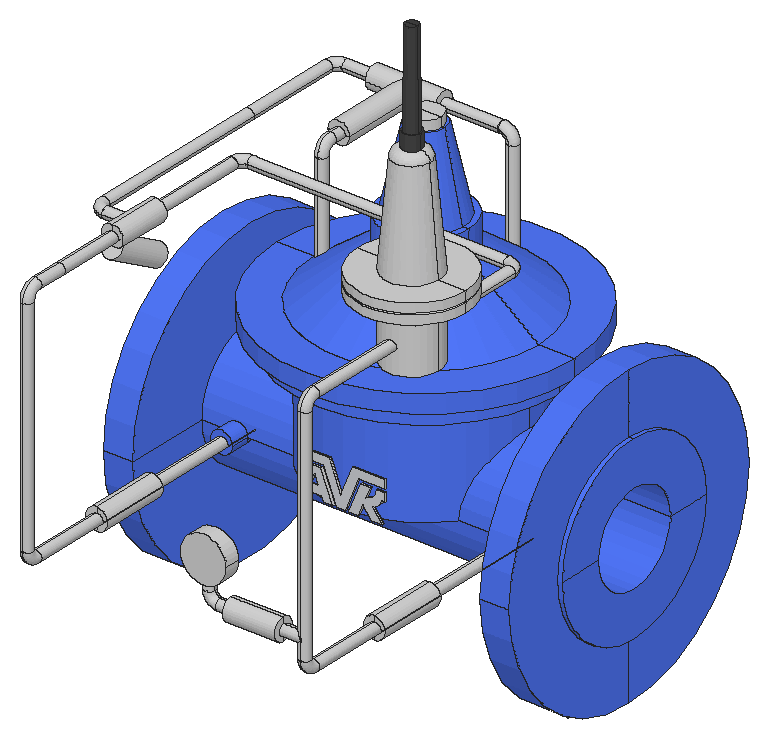
Revit family "879-100X99-001-DN50-600", category Pipe Accessories, Revit 2019
Family settings
  Round Connector Dimension = Use Diameter
  Part Type = Valve - Breaks Into
  Work Plane-Based = No
  Always vertical = Yes
  Cut with Voids When Loaded = No
  Shared = No
Parameters (values of type "879-0050-10-14400059999_DN50_PN10/16")
  W_Ref = size_lookup(Search_Table, "W", 0 mm, (DN)) - (PG_depth / 2)  # 261.8 mm
  W = size_lookup(Search_Table, "W", 0 mm, (DN))  # 266 mm
  URL product pages = "https://www.avkvalves.com/P.aspx?no=87902001014400059999"
  Top_Profile_Ref = Top_Profile + 5 mm  # 97 mm
  Top_Profile = Bolt_support_2 * 1.2  # 92 mm
  Search_Table = "879-100X99-001-DN50-600"
  D1 = size_lookup(Search_Table, "D1", 0 mm, (DN)) / 2  # 49.5 mm
  Profile_Dia_3 = Profile_Dia_2 * 2  # 12 mm
  Profile_Dia_2 = (Profile_Dia * 2) / 2  # 6 mm
  Profile_Dia = if(DN > 599 mm, 30 mm, if(DN > 499 mm, 25 mm, if(DN > 399 mm, 20 mm, if(DN > 349 mm, 15 mm, if(DN > 199 mm, 10 mm, if(DN > 149 mm, 8 mm, if(DN > 60 mm, 6 mm, 6 mm)))))))  # 6 mm
  Profile1_Length_2 = Profile1_Length / 1.5  # 14.865 mm
  Profile1_Length = D3 / 3.7  # 22.297 mm
  Profile1_Height = size_lookup(Search_Table, "Profile1_Height", 0 mm, (DN))  # 135 mm
  Pilot_top_ref = (H3 - (D3 + Body_Height_1 + Body_Height_3 + Body_Height_4 + 20 mm)) / 2  # 60.625 mm
  Pilot_top_1 = (Body_Height_1 + Body_Height_3 + Body_Height_4 + 20 mm + Pilot_top_ref)  # 226.875 mm
  Pilot_Dia_5 = Pilot_Dia_4 / 1.5  # 3.333 mm
  Pilot_Dia_4 = Pilot_Dia_3 / 2  # 5 mm
  Pilot_Dia_3 = Pilot_Dia_1 / 1.5  # 10 mm
  Pilot_Dia_2 = Pilot_Dia_1 * 2  # 30 mm
  Pilot_Dia_1 = size_lookup(Search_Table, "Pilot_Dia_1", 0 mm, (DN)) / 2  # 15 mm
  PG_ref = Body_wall_thickness + ID  # 35 mm
  PG_depth = Profile_Dia * 1.4  # 8.4 mm
  PG_Ref = Body_Height_1 / 1.5  # 38.333 mm
  PG_Dia = if(DN > 149 mm, ID / 1.5, if(DN > 299 mm, ID / 1, ID / 1))  # 25 mm
  L = size_lookup(Search_Table, "L", 0 mm, (DN))  # 230 mm
  ID = DN / 2  # 25 mm
  H3 = size_lookup(Search_Table, "H3", 0 mm, (DN))  # 370 mm
  Flange_thickness = size_lookup(Search_Table, "Flange_Thickness", 0 mm, (DN))  # 19 mm
  Fillet_Length = if(DN > 599 mm, 30 mm, if(DN > 499 mm, 25 mm, if(DN > 399 mm, 20 mm, if(DN > 349 mm, 15 mm, if(DN > 199 mm, 10 mm, if(DN > 149 mm, 8 mm, if(DN > 60 mm, 6 mm, 6 mm)))))))  # 6 mm
  D3 = size_lookup(Search_Table, "D3", 0 mm, (DN)) / 2  # 82.5 mm
  Description_ = "AVK PRESSURE REDUCING CONTROL VALVE"
  DN = 50 mm
  Bottom_profile = ID / 2  # 12.5 mm
  Bolt_support_lenght_2 = Bolt_support_lenght + 10 mm  # 55 mm
  Bolt_support_lenght = (DN / 2) + Body_wall_thickness * 2  # 45 mm
  Bolt_support_Dia = Profile_Dia * 2  # 12 mm
  Bolt_support_2 = Bolt_support / 2  # 76.667 mm
  Bolt_support = L / 1.5  # 153.333 mm
  Body_wall_thickness = 10 mm  # constant formula
  Body_With_Dia_2 = L / 3.7  # 62.162 mm
  Body_With_Dia = L / 4  # 57.5 mm
  Body_Top_Dia_2 = Body_Top_Dia / 1.2  # 8.595 mm
  Body_Top_Dia = L / 22.3  # 10.314 mm
  Body_Height_4 = Body_Height_2 + 15 mm  # 43.75 mm
  Body_Height_3 = size_lookup(Search_Table, "Body_Height_3", 0 mm, (DN))  # 45 mm
  Body_Height_2 = L / 8  # 28.75 mm
  Body_Height_1 = L / 4  # 57.5 mm
  Body_Flange_Dia_2 = L / 2.8  # 82.143 mm
  Body_Flange_Dia = L / 3.1  # 74.194 mm
  Body_Collar_Dia_2 = L / 11.15  # 20.628 mm
  Body_Collar_Dia = L / 9.6  # 23.958 mm
  879-0600-10-144000599A0 = "DN600_PN16"
  879-0600-10-14400059999 = "DN600_PN16"
  879-0600-10-044000599A0 = "DN600_PN10"
  879-0600-10-04400059999 = "DN600_PN10"
  879-0500-10-144000599A0 = "DN500_PN16"
  879-0500-10-14400059999 = "DN500_PN16"
  879-0500-10-044000599A0 = "DN500_PN10"
  879-0500-10-04400059999 = "DN500_PN10"
  879-0450-10-144000599A0 = "DN450_PN16"
  879-0450-10-14400059999 = "DN450_PN16"
  879-0450-10-044000599A0 = "DN450_PN10"
  879-0450-10-04400059999 = "DN450_PN10"
  879-0400-10-144000599A0 = "DN400_PN16"
  879-0400-10-14400059999 = "DN400_PN16"
  879-0400-10-044000599A0 = "DN400_PN10"
  879-0400-10-04400059999 = "DN400_PN10"
  879-0350-10-144000599A0 = "DN350_PN16"
  879-0350-10-14400059999 = "DN350_PN16"
  879-0350-10-044000599A0 = "DN350_PN10"
  879-0350-10-04400059999 = "DN350_PN10"
  879-0300-10-144000599A0 = "DN300_PN16"
  879-0300-10-14400059999 = "DN300_PN16"
  879-0300-10-044000599A0 = "DN300_PN10"
  879-0300-10-04400059999 = "DN300_PN10"
  879-0250-10-144000599A0 = "DN250_PN16"
  879-0250-10-14400059999 = "DN250_PN16"
  879-0250-10-044000599A0 = "DN250_PN10"
  879-0250-10-04400059999 = "DN250_PN10"
  879-0200-10-144000599A0 = "DN200_PN16"
  879-0200-10-14400059999 = "DN200_PN16"
  879-0200-10-044000599A0 = "DN200_PN10"
  879-0200-10-04400059999 = "DN200_PN10"
  879-0150-10-144000599A0 = "DN150_PN10/16"
  879-0150-10-14400059999 = "DN150_PN10/16"
  879-0050-10-144000599A0 = "DN50_PN10/16"
  879-0050-10-14400059999 = "DN50_PN10/16"
  879-0100-10-144000599A0 = "DN100_PN10/16"
  879-0100-10-14400059999 = "DN100_PN10/16"
  879-0080-10-144000599A0 = "DN80_PN10/16"
  879-0080-10-14400059999 = "DN80_PN10/16"
  879-0065-10-144000599A0 = "DN65_PN10/16"
  879-0065-10-14400059999 = "DN65_PN10/16"
Reference planes
  plane 1 "Center (Front/Back)": y = 0
  plane 2: z = 0
  plane 3 "Center (Left/Right)": x = 0
  plane 4: x = -76.667
  plane 5: y = -87.952
  plane 6: x = 59.766
  plane 7: x = 45.835
  plane 8: x = 76.667
  plane 9: y = -173.3
  plane 10: z = 6
  plane 11: y = -179.3
  plane 12: y = -173.3
  plane 13: z = 6
  plane 14: y = -179.3
  plane 15: z = 135
  plane 16: y = -173.3
  plane 17: z = 129
  plane 18: y = -60.203
  plane 19: y = 82.5
  plane 20: y = -82.5
  plane 21: z = 135
  plane 22: x = -98
  plane 23: y = 60.203
  plane 24: y = 54.203
  plane 25: x = -92
  plane 26: y = 60.203
  plane 27: z = 129
  plane 28: x = -6
  plane 29: z = 135
  plane 30: x = -6
  plane 31: x = -57.5
  plane 32: y = 6
  plane 33: z = 129
  plane 34: z = 287.5
  plane 35: y = -92.184
  plane 36: z = 16.25
  plane 37: x = 23.958
  plane 38: z = 22.25
  plane 39: x = 29.958
  plane 40: y = 58.895
  plane 41: y = -37.905
  plane 42: y = -31.905
  plane 43: y = -37.905
  plane 44: x = -70.667
  plane 45: z = -82.5
  plane 46: z = 129
  plane 47: y = -105
  plane 48: y = -76.5
  plane 49: y = -105.603
  plane 50: y = -144.597
  plane 51: x = 70.667
  plane 52: z = 226.875
  plane 53: x = 81.702
  plane 54: x = 86.667
  plane 55: z = 222.472
  plane 56: x = 30.208
  plane 57: y = -86.869
  plane 58: y = 82.5
  plane 59: y = -103.747
  plane 60: y = -83.401
  plane 61: y = -179.3
  plane 62: y = -183.5
  plane 63: y = -175.1
  plane 64: y = -32.5
  plane 65: z = 2.25
  plane 66: x = 23.958
  plane 67: x = 29.958
  plane 68: x = 35.958
  plane 69: x = 70.667
  plane 70: x = 64.667
  plane 71: z = 6
  plane 72: z = 16.2
  plane 73: y = 6
  plane 74: y = 12
  plane 75: y = -179.3
  plane 76: y = -187.5
  plane 77: y = -99.603
  plane 78: x = -92
  plane 79: y = -183.5
  plane 80: y = -169.3
  plane 81: y = -55
  plane 82: y = -112.15
  plane 83: x = -115
  plane 84: x = 115
  plane 85: y = 49.5
  plane 86: y = -49.5
Forms (mm)
  Revolve 1, solid, material "Plastic"
    sketch origin (0, 0, 0) x (1, 0, 0) y (0, 1, 0)
      loop
        line (-96, 82.5) -> (-115, 82.5) -> (-115, 25) -> (115, 25) -> (115, 82.5) -> (96, 82.5) -> (96, 35) -> (-96, 35) -> (-96, 82.5)
      axis (-115, 0) -> (115, 0)
    angle from 0 to 360
  Revolve 2, solid, material "Plastic"
    sketch origin (0, 0, 0) x (1, 0, 0) y (0, 0, 1)
      loop
        line (0, 0) -> (57.5, 0) -> (57.5, 57.5) -> (74.194, 57.5) -> (74.194, 67.427) -> (82.143, 67.427) -> (82.143, 77.427) -> (62.162, 77.427) -> (23.958, 106.177) -> (23.958, 121.177) -> (20.628, 121.177) -> (10.314, 166.177) -> (0, 166.177) -> (0, 0)
      axis (0, 0) -> (0, 166.177)
    angle from 0 to 360
  Revolve 3, solid, material "Stainless Steel AISI 304"
    sketch origin (0, 0, 0) x (1, 0, 0) y (0, 0, 1)
      loop
        line (0, 166.177) -> (8.595, 166.177) -> (8.595, 171.177) -> (0, 171.177) -> (0, 166.177)
      axis (0, 166.177) -> (0, 171.177)
    angle from 0 to 360
  Sweep 4, solid, material "Stainless Steel AISI 304"
    path origin (-76.667, -1524, 15.862) x (0, 0, 1) y (0, -1, 0)
      loop
        line (-15.862, -1524) -> (-15.862, -1350.7)
        arc (-15.862, -1350.7) -> (-14.104, -1346.457) -> (-9.862, -1344.7) r 6
        line (-9.862, -1344.7) -> (113.138, -1344.7)
        arc (113.138, -1344.7) -> (117.381, -1346.457) -> (119.138, -1350.7) r 6
        line (119.138, -1350.7) -> (119.138, -1366.997) -> (119.138, -1486.095)
    profile origin (-76.667, -86.65, 0) x (0, 0, -1) y (1, 0, 0)
      loop
        circle (0, 0) r 3
  Extrusion 5, solid, material "Plastic"
    sketch origin (0, 0, 0) x (1, 0, 0) y (0, 0, 1)
      loop
        circle (-76.667, 0) r 6
      loop
        circle (76.667, 0) r 6
    from 0 to 45
  Sweep 6, solid, material "Stainless Steel AISI 304"
    path origin (96.667, -1524, 12.32) x (0, 0, 1) y (0, 1, 0)
      loop
        line (-12.32, 1524) -> (-12.32, 1350.7)
        arc (-12.32, 1350.7) -> (-10.562, 1346.457) -> (-6.32, 1344.7) r 6
        line (-6.32, 1344.7) -> (116.68, 1344.7)
        arc (116.68, 1344.7) -> (120.923, 1346.457) -> (122.68, 1350.7) r 6
        line (122.68, 1350.7) -> (122.68, 1457.5)
    profile origin (96.667, -86.65, 0) x (0, 0, 1) y (-1, 0, 0)
      loop
        circle (0, 20) r 3
  Sweep 7, solid, material "Stainless Steel AISI 304"
    path origin (-93.667, -1524, 135) x (-1, 0, 0) y (0, -1, 0)
      loop
        line (-87.667, -1584.203) -> (-1.667, -1584.203)
        arc (-1.667, -1584.203) -> (2.576, -1582.445) -> (4.333, -1578.203) r 6
        line (4.333, -1578.203) -> (4.333, -1524) -> (4.333, -1424.397)
        arc (4.333, -1424.397) -> (2.576, -1420.155) -> (-1.667, -1418.397) r 6
        line (-1.667, -1418.397) -> (-17, -1418.397)
    profile origin (-98, -49.801, 135) x (1, 0, 0) y (0, 0, 1)
      loop
        circle (0, 0) r 3
  Sweep 8, solid, material "Stainless Steel AISI 304"
    path origin (0, 60.203, 1200) x (1, 0, 0) y (0, 0, 1)
      loop
        arc (-6, -1065) -> (-1.757, -1066.757) -> (0, -1071) r 6
        line (0, -1071) -> (0, -1122.573)
    profile origin (0, 60.203, 103.213) x (0, -1, 0) y (1, 0, 0)
      loop
        circle (0, 0) r 3
  Sweep 9, solid, material "Stainless Steel AISI 304"
    path origin (-57.5, 22.117, 1200) x (0, -1, 0) y (0, 0, 1)
      loop
        line (-38.085, -1065) -> (16.117, -1065)
        arc (16.117, -1065) -> (20.36, -1066.757) -> (22.117, -1071) r 6
        line (22.117, -1071) -> (22.117, -1122.573)
    profile origin (-57.5, 33.101, 135) x (0, 0, 1) y (-1, 0, 0)
      loop
        circle (0, 0) r 3
  Sweep 10, solid, material "Stainless Steel AISI 304"
    path origin (99.667, -92.184, 1200) x (1, 0, 0) y (0, 0, 1)
      loop
        line (-23, -1183.75) -> (-69.708, -1183.75)
        arc (-69.708, -1183.75) -> (-73.951, -1181.993) -> (-75.708, -1177.75) r 6
        line (-75.708, -1177.75) -> (-75.708, -1165)
    profile origin (53.313, -92.184, 16.25) x (0, 0, -1) y (0, -1, 0)
      loop
        circle (0, 87.116) r 3
  Sweep 11, solid, material "Stainless Steel AISI 304"
    path origin (-93.667, -1524, 135) x (-1, 0, 0) y (0, -1, 0)
      loop
        arc (-17, -1486.095) -> (-18.757, -1490.337) -> (-23, -1492.095) r 6
        line (-23, -1492.095) -> (-164.333, -1492.095)
        arc (-164.333, -1492.095) -> (-168.576, -1490.337) -> (-170.333, -1486.095) r 6
        line (-170.333, -1486.095) -> (-170.333, -1418.397)
    profile origin (0, -31.905, 135) x (0, 1, 0) y (0, 0, 1)
      loop
        circle (0, 0) r 3
  Revolve 12, solid, material "Stainless Steel AISI 304"
    sketch origin (87.542, -105.603, 1200) x (-1, 0, 0) y (0, 0, 1)
      loop
        line (10.875, -1078.823) -> (10.875, -1033.823) -> (-19.125, -1033.823) -> (-19.125, -1038.823) -> (-14.125, -1038.823) -> (-14.125, -1039.828) -> (-19.125, -1039.828) -> (-19.125, -1044.828) -> (-4.125, -1044.828) -> (-4.125, -1078.823) -> (10.875, -1078.823)
      axis (10.875, -1078.823) -> (10.875, -1033.823)
    angle from 0 to 360
  Revolve 13, solid, material "Stainless Steel AISI 304"
    sketch origin (87.542, -105.603, 1200) x (-1, 0, 0) y (0, 0, 1)
      loop
        line (-4.125, -1033.823) -> (10.875, -1033.823) -> (10.875, -973.125) -> (5.839, -973.125)
        arc (5.839, -973.125) -> (2.521, -974.384) -> (0.875, -977.528) r 5
        line (0.875, -977.528) -> (-4.125, -1033.823)
      axis (10.875, -973.125) -> (10.875, -1033.823)
    angle from 0 to 360
  Revolve 14, solid, material "Plastic(1)"
    sketch origin (87.542, -105.603, 1200) x (-1, 0, 0) y (0, 0, 1)
      loop
        line (10.875, -973.125) -> (10.875, -912.5) -> (7.542, -912.5) -> (6.896, -964.988) -> (5.875, -964.988) -> (5.875, -973.125) -> (10.875, -973.125)
      axis (10.875, -973.125) -> (10.875, -912.5)
    angle from 0 to 360
  Extrusion 15, solid, material "Stainless Steel AISI 304"
    sketch origin (99.667, -92.184, 1200) x (1, 0, 0) y (0, 0, 1)
      loop
        circle (-75.708, -1161.667) r 12.5
    from 82.916 to 91.316
  Revolve 16, void
    sketch origin (0, 0, 0) x (1, 0, 0) y (0, 0, 1)
      loop
        line (-115, 82.5) -> (-115, 49.5) -> (-112, 49.5) -> (-112, 82.5) -> (-115, 82.5)
      loop
        line (118, 82.5) -> (112, 82.5) -> (112, 49.5) -> (118, 49.5) -> (118, 82.5)
      axis (-115, 0) -> (118, 0)
    angle from 0 to 360
  Revolve 17, solid, material "Stainless Steel AISI 304"
    sketch origin (-76.667, -1524, 15.862) x (0, 0, 1) y (0, -1, 0)
      loop
        line (-9.862, -1392.85) -> (-15.862, -1392.85) -> (-15.862, -1430.85) -> (-9.862, -1430.85) -> (-9.862, -1392.85)
      axis (-15.862, -1392.85) -> (-15.862, -1430.85)
    angle from 0 to 360
  Revolve 18, solid, material "Stainless Steel AISI 304"
    sketch origin (76.667, -1524, 15.862) x (0, 0, 1) y (0, -1, 0)
      loop
        line (-9.862, -1392.85) -> (-15.862, -1392.85) -> (-15.862, -1430.85) -> (-9.862, -1430.85) -> (-9.862, -1392.85)
      axis (-15.862, -1392.85) -> (-15.862, -1430.85)
    angle from 0 to 360
  Revolve 19, solid, material "Stainless Steel AISI 304"
    sketch origin (-76.667, -1524, 15.862) x (0, 0, 1) y (0, -1, 0)
      loop
        line (125.138, -1403.397) -> (119.138, -1403.397) -> (119.138, -1433.397) -> (125.138, -1433.397) -> (125.138, -1403.397)
      axis (119.138, -1433.397) -> (119.138, -1403.397)
    angle from 0 to 360
  Revolve 20, solid, material "Stainless Steel AISI 304"
    sketch origin (0, -179.3, 35.012) x (0, 0, -1) y (-1, 0, 0)
      loop
        line (18.812, -35.958) -> (12.812, -35.958) -> (12.812, -64.667) -> (18.812, -64.667) -> (18.812, -35.958)
      axis (18.812, -35.958) -> (18.812, -64.667)
    angle from 0 to 360
  Revolve 21, solid, material "Stainless Steel AISI 304"
    sketch origin (-93.667, -1524, 135) x (-1, 0, 0) y (0, -1, 0)
      loop
        line (-17, -1584.203) -> (-55.333, -1584.203) -> (-55.333, -1590.203) -> (-17, -1590.203) -> (-17, -1584.203)
      axis (-17, -1584.203) -> (-55.333, -1584.203)
    angle from 0 to 360
  Revolve 22, solid, material "Stainless Steel AISI 304"
    sketch origin (-93.667, -1524, 135) x (-1, 0, 0) y (0, -1, 0)
      loop
        line (-36.167, -1584.203) -> (-36.167, -1536) -> (-42.167, -1536) -> (-42.167, -1584.203) -> (-36.167, -1584.203)
      axis (-36.167, -1536) -> (-36.167, -1584.203)
    angle from 0 to 360
  Revolve 23, void
    sketch origin (0, 0, 0) x (1, 0, 0) y (0, 0, 1)
      loop
        line (-115, 25) -> (-115, 0) -> (115, 0) -> (115, 25) -> (-115, 25)
      axis (-115, 0) -> (115, 0)
    angle from 0 to 360
  Sweep 24, solid, material "Stainless Steel AISI 304"
    path origin (-76.667, -1524, 15.862) x (0, 0, 1) y (0, -1, 0)
      loop
        line (114.638, -1403.397) -> (97.318, -1433.397)
    profile origin (-76.667, -105.603, 121.84) x (0, 0.5, 0.866025) y (1, 0, 0)
      loop
        circle (0, 0) r 6
Cuts and joins
  Revolve 16 cuts Revolve 1
  Revolve 23 cuts Revolve 2
  Revolve 23 cuts Sweep 4
  Revolve 23 cuts Extrusion 5
  Revolve 23 cuts Sweep 6
Dimensions and locks
  equal spacing: Revolve 1 sketch curve, plane 3 "Center (Left/Right)", Revolve 1 sketch curve
  locked: Revolve 1 sketch curve to Revolve 1 sketch curve at 10
  "Flange_thickness": Revolve 1 sketch curve to Revolve 1 sketch curve  (x2)
  "ID": plane 1 "Center (Front/Back)" to Revolve 1 sketch curve
  "L": Revolve 1 sketch curve to Revolve 1 sketch curve
  "Body_With_Dia": Revolve 2 sketch curve to plane 3 "Center (Left/Right)"
  "Body_Flange_Dia": Revolve 2 sketch curve to plane 3 "Center (Left/Right)"
  "Body_Flange_Dia_2": Revolve 2 sketch curve to plane 3 "Center (Left/Right)"
  "Body_Collar_Dia": Revolve 2 sketch curve to plane 3 "Center (Left/Right)"
  "Body_Collar_Dia_2": Revolve 2 sketch curve to plane 3 "Center (Left/Right)"
  "Body_Top_Dia": Revolve 2 sketch curve to plane 3 "Center (Left/Right)"
  "Body_Height_1": Revolve 2 sketch curve to level
  locked: Revolve 2 sketch curve to Revolve 2 sketch curve at 9.927
  locked: Revolve 2 sketch curve to Revolve 2 sketch curve at 10
  "Body_Height_2": Revolve 2 sketch curve to Revolve 2 sketch curve
  "Body_Height_3": Revolve 2 sketch curve to Revolve 2 sketch curve
  "Body_Height_4": Revolve 2 sketch curve to Revolve 2 sketch curve
  "Body_With_Dia_2": Revolve 2 sketch curve to plane 3 "Center (Left/Right)"
  "D3": plane 1 "Center (Front/Back)" to Revolve 1 sketch curve
  equal spacing: Extrusion 5 sketch curve, plane 3 "Center (Left/Right)", Extrusion 5 sketch curve
  "Bolt_support": Extrusion 5 sketch curve to Extrusion 5 sketch curve
  "Bolt_support_lenght": plane 1 "Center (Front/Back)" to Extrusion 5
  equal spacing: plane 8, plane 3 "Center (Left/Right)", plane 4
  "Bolt_support": plane 8 to plane 4
  "Bolt_support_2": plane 3 "Center (Left/Right)" to Sweep 4 sketch curve
  "Bolt_support_2": Sweep 6 sketch curve to plane 3 "Center (Left/Right)"
  "Fillet_Length": plane 9 to plane 11
  "Fillet_Length": plane 10 to level
  "Fillet_Length": plane 12 to plane 14
  "Fillet_Length": level to plane 13
  "Fillet_Length": plane 17 to plane 15
  "Fillet_Length": plane 16 to plane 11
  "Profile1_Height": plane 15 to level
  "Profile1_Length": Sweep 4 sketch curve to plane 11
  equal spacing: plane 20, plane 1 "Center (Front/Back)", plane 19
  "D3": plane 20 to plane 1 "Center (Front/Back)"
  "Profile1_Length": plane 18 to plane 20
  "Profile1_Length": plane 23 to plane 19
  "Fillet_Length": plane 24 to plane 23
  "Fillet_Length": plane 22 to plane 25
  "Profile1_Length": plane 26 to plane 19
  "Fillet_Length": plane 28 to plane 3 "Center (Left/Right)"
  "Fillet_Length": plane 29 to plane 27
  "Profile1_Height": plane 29 to level
  "Top_Profile": plane 22 to plane 30
  "Profile1_Height": Sweep 7 sketch curve to level
  plane 3 "Center (Left/Right)" to profile plane = 98 mm
  "Profile1_Height": plane 21 to level
  "Fillet_Length": plane 30 to plane 3 "Center (Left/Right)"
  "Body_With_Dia": plane 31 to plane 3 "Center (Left/Right)"
  "Fillet_Length": plane 32 to plane 1 "Center (Front/Back)"
  "Fillet_Length": plane 21 to plane 33
  "Fillet_Length": plane 38 to plane 36
  "Fillet_Length": plane 39 to plane 37
  "Body_Collar_Dia": plane 37 to plane 3 "Center (Left/Right)"
  equal spacing: plane 40, plane 18, plane 11
  "Profile1_Length": plane 41 to plane 18
  "Fillet_Length": plane 41 to plane 42
  "Profile1_Height": Sweep 11 sketch curve to level
  "Fillet_Length": plane 4 to plane 44
  "Fillet_Length": plane 42 to plane 43
  "D3": level to plane 45
  "H3": plane 34 to plane 45
  plane 21 to level = 135 mm
  "Fillet_Length": plane 21 to plane 46
  locked: Sweep 6 sketch curve to plane 48 at 10
  "Fillet_Length": plane 48 to plane 20
  locked: Revolve 12 sketch curve to Revolve 12 sketch curve at 5  (x2)
  locked: Revolve 12 sketch curve to Revolve 12 sketch curve at 1.005
  "Pilot_Dia_1": plane 8 to Revolve 12 sketch curve
  "Pilot_Dia_2": plane 8 to Revolve 12 sketch curve
  "Fillet_Length": plane 41 to Sweep 11 sketch curve
  "Fillet_Length": plane 51 to plane 8
  "Pilot_Dia_1": plane 8 to Revolve 13 sketch curve
  locked: plane 53 to plane 54 at 4.964
  locked: plane 52 to plane 55 at 4.403
  "Pilot_Dia_3": plane 8 to plane 54
  "Pilot_top_1": plane 52 to level
  "Pilot_top_1": Revolve 14 sketch curve to level
  "Pilot_Dia_4": plane 8 to Revolve 14 sketch curve
  locked: Revolve 14 sketch curve to Revolve 14 sketch curve at 1.022
  "Pilot_Dia_5": Revolve 14 sketch curve to Revolve 14 sketch curve
  locked: Revolve 3 sketch curve to Revolve 2 at 5
  "Body_Top_Dia_2": Revolve 3 sketch curve to plane 3 "Center (Left/Right)"
  "Body_Collar_Dia": Extrusion 15 sketch curve to plane 3 "Center (Left/Right)"
  "PG_Ref": Extrusion 15 sketch curve to level
  equal spacing: plane 63, plane 61, plane 62
  "PG_depth": plane 63 to plane 62
  "D3": Revolve 16 sketch curve to level
  "D1": Revolve 16 sketch curve to level
  locked: cut or joined group of Revolve 1, Revolve 16 to Revolve 16 sketch curve at 3
  locked: Revolve 16 sketch curve to cut or joined group of Revolve 1, Revolve 16 at 3
  plane 20 to plane 64 = 50 mm
  "PG_ref": Sweep 10 sketch curve to level
  "Profile_Dia_2": Revolve 19 sketch curve to plane 21
  "Body_Collar_Dia": plane 66 to plane 3 "Center (Left/Right)"
  "Fillet_Length": plane 66 to plane 67
  "Fillet_Length": plane 68 to plane 67
  "Fillet_Length": plane 69 to plane 8
  "Fillet_Length": plane 69 to plane 70
  "Fillet_Length": plane 71 to level
  plane 72 to level = 16.2 mm
  "Profile_Dia_2": Revolve 20 sketch curve to plane 72
  equal spacing: plane 4, plane 31, Revolve 21 sketch curve
  "Profile_Dia_2": plane 26 to Revolve 21 sketch curve
  "Fillet_Length": plane 1 "Center (Front/Back)" to plane 73
  "Fillet_Length": plane 74 to plane 73
  "Profile_Dia_2": plane 31 to Revolve 22 sketch curve
  "ID": Revolve 23 sketch curve to level
  "W_Ref": plane 19 to plane 75
  "W_Ref": plane 61 to plane 58
  "W_Ref": plane 14 to plane 19
  "W_Ref": plane 19 to Sweep 10 sketch curve
  "W_Ref": plane 11 to plane 19
  Revolve 20 sketch curve to plane 19 = 261.8 mm
  "W_Ref": plane 19 to plane 61
  equal spacing: plane 42, plane 49, plane 75
  "Fillet_Length": plane 22 to plane 78
  "Fillet_Length": plane 49 to plane 77
  "Pilot_Dia_1": plane 49 to Revolve 19 sketch curve
  equal spacing: Revolve 19 sketch curve, plane 49, Revolve 19 sketch curve
  "W": plane 79 to plane 19
  locked: plane 75 to plane 80 at 10
  locked: plane 81 to cut or joined group of Extrusion 5, Revolve 23 at 10
  equal spacing: plane 80, plane 82, plane 81
  "Profile_Dia_2": Revolve 18 sketch curve to level
  equal spacing: Revolve 18 sketch curve, plane 82, Revolve 18 sketch curve
  "Flange_thickness": plane 82 to Revolve 18 sketch curve
  "Bolt_support_lenght_2": plane 81 to plane 1 "Center (Front/Back)"
  equal spacing: plane 84, plane 3 "Center (Left/Right)", plane 83
  "L": plane 84 to plane 83
  plane 20 to plane 19 = 165 mm
  equal spacing: plane 86, plane 1 "Center (Front/Back)", plane 85
  "D1": plane 1 "Center (Front/Back)" to plane 85
  plane 86 to plane 85 = 99 mm
  plane 19 to plane 20 = 165 mm
  plane 85 to plane 86 = 99 mm
  "Profile_Dia": diameter of Sweep 4 sketch curve
  "Profile_Dia": diameter of Sweep 11 sketch curve
  "Profile_Dia": diameter of Sweep 7 sketch curve
  "Profile_Dia": diameter of Sweep 9 sketch curve
  "Profile_Dia": diameter of Sweep 8 sketch curve
  "Profile_Dia": diameter of Sweep 6 sketch curve
  "Profile_Dia": diameter of Sweep 10 sketch curve
  "Bolt_support_Dia": diameter of Extrusion 5 sketch curve  (x2)
  "PG_Dia": diameter of Extrusion 15 sketch curve
  "Profile_Dia_3": diameter of Sweep 24 sketch curve
  locked: Sweep 24 sketch curve to plane 21 (angle 30.00°)
  aligned and locked: level to plane 2
  aligned and locked: Revolve 1 sketch curve to Revolve 1 sketch curve
  aligned and locked: plane 1 "Center (Front/Back)" to Revolve 1 sketch curve
  aligned and locked: Revolve 2 sketch curve to Revolve 2 sketch curve
  aligned and locked: Revolve 3 sketch curve to Revolve 2
  aligned and locked: Revolve 3 sketch curve to plane 3 "Center (Left/Right)"
  aligned and locked: plane 3 "Center (Left/Right)" to Revolve 3 sketch curve
  aligned and locked: Revolve 2 sketch curve to plane 3 "Center (Left/Right)"
  aligned and locked: Revolve 2 sketch curve to level
  aligned and locked: Extrusion 5 to plane 1 "Center (Front/Back)"
  aligned and locked: Sweep 4 sketch curve to level
  aligned and locked: level to Sweep 4 sketch curve
  aligned and locked: plane 9 to Sweep 4 sketch curve
  aligned and locked: plane 11 to Sweep 4 sketch curve  (x2)
  aligned and locked: Sweep 4 sketch curve to plane 10
  aligned and locked: Sweep 6 sketch curve to Revolve 2
  aligned and locked: level to Sweep 6 sketch curve
  aligned and locked: plane 12 to Sweep 6 sketch curve  (x2)
  aligned and locked: plane 13 to Sweep 6 sketch curve
  aligned and locked: Sweep 6 sketch curve to plane 14
  aligned and locked: Sweep 4 sketch curve to plane 15
  aligned and locked: plane 17 to Sweep 4 sketch curve
  aligned and locked: plane 16 to Sweep 4 sketch curve
  aligned and locked: plane 23 to Sweep 7 sketch curve
  aligned and locked: plane 29 to Sweep 8 sketch curve
  aligned and locked: plane 28 to Sweep 8 sketch curve
  aligned and locked: plane 27 to Sweep 8 sketch curve
  aligned and locked: plane 3 "Center (Left/Right)" to Sweep 8 sketch curve
  aligned and locked: plane 26 to Sweep 9 sketch curve
  aligned and locked: plane 21 to Sweep 9 sketch curve
  aligned and locked: plane 32 to Sweep 9 sketch curve
  aligned and locked: plane 1 "Center (Front/Back)" to Sweep 9 sketch curve
  aligned and locked: plane 33 to Sweep 9 sketch curve
  aligned and locked: Sweep 9 sketch curve to Revolve 2
  aligned and locked: Sweep 8 sketch curve to Revolve 2
  aligned and locked: plane 8 to Sweep 10 sketch curve
  aligned and locked: plane 37 to Sweep 10 sketch curve
  aligned and locked: plane 38 to Sweep 10 sketch curve
  aligned and locked: plane 36 to Sweep 10 sketch curve
  aligned and locked: plane 39 to Sweep 10 sketch curve
  aligned and locked: plane 21 to Sweep 4 sketch curve
  aligned and locked: Sweep 11 sketch curve to plane 44
  aligned and locked: Sweep 11 sketch curve to plane 43
  aligned and locked: plane 4 to Sweep 11 sketch curve
  aligned and locked: plane 21 to Sweep 6 sketch curve
  aligned and locked: plane 14 to Sweep 6 sketch curve
  aligned and locked: Sweep 6 sketch curve to plane 46
  aligned and locked: plane 8 to Revolve 12 sketch curve
  aligned and locked: Revolve 12 sketch curve to Revolve 12 sketch curve
  aligned and locked: Revolve 12 sketch curve to Revolve 2
  aligned and locked: Revolve 2 to Revolve 12 sketch curve
  aligned and locked: plane 8 to Sweep 11 sketch curve
  aligned and locked: plane 41 to Sweep 11 sketch curve
  aligned and locked: Sweep 11 sketch curve to plane 42
  aligned and locked: Sweep 11 sketch curve to plane 51
  aligned and locked: Revolve 12 to Revolve 13 sketch curve
  aligned and locked: plane 8 to Revolve 13 sketch curve
  aligned and locked: plane 53 to Revolve 13 sketch curve
  aligned and locked: plane 55 to Revolve 13 sketch curve
  aligned and locked: Revolve 13 sketch curve to plane 54
  aligned and locked: Revolve 14 sketch curve to plane 8
  aligned and locked: plane 34 to Revolve 14 sketch curve
  aligned and locked: plane 8 to Revolve 14 sketch curve
  aligned and locked: plane 62 to Extrusion 15
  aligned and locked: plane 63 to Extrusion 15
  aligned and locked: Revolve 16 sketch curve to Revolve 16 sketch curve  (x2)
  aligned and locked: Revolve 16 sketch curve to plane 2
  aligned and locked: nested 1 to plane 3 "Center (Left/Right)"
  aligned and locked: plane 21 to Revolve 19 sketch curve
  aligned and locked: Revolve 19 sketch curve to Revolve 19 sketch curve
  aligned and locked: plane 72 to Revolve 20 sketch curve
  aligned and locked: Revolve 20 sketch curve to plane 68
  aligned and locked: Revolve 20 sketch curve to plane 70
  aligned and locked: Revolve 20 sketch curve to Revolve 20 sketch curve
  aligned and locked: Revolve 21 sketch curve to plane 4
  aligned and locked: plane 26 to Revolve 21 sketch curve
  aligned and locked: Revolve 21 sketch curve to Revolve 21 sketch curve
  aligned and locked: Sweep 9 to Revolve 22 sketch curve
  aligned and locked: Revolve 22 sketch curve to Sweep 9
  aligned and locked: Revolve 22 sketch curve to plane 74
  aligned and locked: Revolve 22 sketch curve to Revolve 22 sketch curve
  aligned and locked: nested 1 to level
  aligned and locked: Revolve 23 sketch curve to Revolve 23 sketch curve
  aligned and locked: Revolve 19 to Sweep 24 sketch curve  (x2)
  aligned and locked: Revolve 23 sketch curve to cut or joined group of Revolve 1, Revolve 16
  aligned and locked: cut or joined group of Revolve 1, Revolve 16 to Revolve 23 sketch curve
  aligned and locked: plane 41 to Sweep 4 sketch curve
  aligned and locked: plane 49 to Sweep 11 sketch curve
  aligned and locked: plane 77 to Sweep 7 sketch curve
  aligned and locked: plane 22 to Sweep 7 sketch curve
  aligned and locked: plane 78 to Sweep 7 sketch curve
  aligned and locked: plane 49 to Sweep 7 sketch curve
  aligned and locked: plane 4 to Sweep 7 sketch curve
  aligned and locked: Revolve 18 sketch curve to level
  aligned and locked: Revolve 18 sketch curve to Revolve 18 sketch curve
  aligned and locked: Revolve 17 sketch curve to plane 71
  aligned and locked: Revolve 18 to Revolve 17 sketch curve
  aligned and locked: level to Revolve 17 sketch curve
  aligned and locked: Revolve 17 sketch curve to Revolve 18
  aligned and locked: Revolve 17 sketch curve to Revolve 17 sketch curve
Automatic sketch dimensions
  Sweep 24 sketch curve to plane 21 = 4.5 mm
  Revolve 20 sketch curve to plane 6 = 0.951 mm
  Revolve 20 sketch curve to plane 56 = 6.283 mm
  Revolve 17 sketch curve to plane 59 = 3.617 mm
  Revolve 17 sketch curve to Revolve 17 sketch curve = 5 mm
  Revolve 1 sketch curve to plane 31 = 22.5 mm
  Revolve 1 sketch curve to plane 67 = 0.16 mm
  plane 71 to Revolve 2 sketch curve = 1.599 mm
  Revolve 2 sketch curve to plane 71 = 0.401 mm
  Revolve 3 sketch curve to Revolve 3 sketch curve = 5 mm
  Revolve 3 sketch curve to Revolve 3 sketch curve = 11.86 mm
  Sweep 4 sketch curve to plane 1 "Center (Front/Back)" = 0 mm
  Sweep 4 sketch curve to profile plane = 0 mm
  Extrusion 5 sketch curve to level = 0 mm  (x2)
  Sweep 6 sketch curve to plane 1 "Center (Front/Back)" = 0 mm
  Sweep 6 sketch curve to profile plane = 0 mm
  Sweep 7 sketch curve to plane 30 = 0 mm
  Sweep 7 sketch curve to plane 25 = 0 mm
  plane 1 "Center (Front/Back)" to Sweep 7 sketch curve = 0 mm
  profile plane to Sweep 7 sketch curve = 0 mm
  plane 26 to Sweep 8 sketch curve = 0 mm
  Sweep 8 sketch curve to profile plane = 0 mm
  plane 31 to Sweep 9 sketch curve = 0 mm
  Sweep 9 sketch curve to profile plane = 0 mm
  Sweep 10 sketch curve to profile plane = 0 mm
  Sweep 11 sketch curve to profile plane = 0 mm
  plane 8 to Revolve 12 sketch curve = 0 mm
  Revolve 12 sketch curve to Revolve 12 sketch curve = 0 mm
  Revolve 12 sketch curve to Revolve 12 sketch curve = 5 mm
  plane 21 to Revolve 12 sketch curve = 0.231 mm
  Revolve 12 sketch curve to plane 34 = 3.552 mm
  plane 8 to Revolve 13 sketch curve = 0 mm
  Revolve 13 sketch curve to plane 52 = 0 mm
  Revolve 13 sketch curve to Revolve 13 sketch curve = 0.76 mm
  plane 34 to Revolve 13 sketch curve = 0.823 mm
  Revolve 14 sketch curve to Revolve 14 sketch curve = 8.137 mm
  Revolve 14 sketch curve to Revolve 14 sketch curve = 20 mm
  Revolve 14 sketch curve to Revolve 14 sketch curve = 15 mm
  Revolve 16 sketch curve to plane 83 = 0 mm
  plane 84 to Revolve 16 sketch curve = 3 mm
  Revolve 16 sketch curve to plane 3 "Center (Left/Right)" = 12 mm
  plane 56 to Revolve 16 sketch curve = 0.507 mm
  plane 60 to Revolve 18 sketch curve = 0.935 mm
  Revolve 18 sketch curve to Revolve 18 sketch curve = 0 mm
  plane 41 to Revolve 19 sketch curve = 0.594 mm
  Revolve 19 sketch curve to Revolve 19 sketch curve = 0.168 mm
  Revolve 21 sketch curve to plane 31 = 4.745 mm
  plane 31 to Revolve 21 sketch curve = 4.167 mm
  Revolve 22 sketch curve to plane 19 = 3.486 mm
  plane 74 to Revolve 22 sketch curve = 13.486 mm
  Revolve 23 sketch curve to level = 0 mm
  plane 56 to Revolve 23 sketch curve = 0 mm
  Revolve 23 sketch curve to plane 31 = 22.5 mm
  Sweep 24 sketch curve to plane 4 = 0 mm
  Sweep 24 sketch curve to profile plane = 0 mm
Nested families
  nested 1: "LOGO - Copy - Copy" at (0, -57.5, -11.367) x (1, 0, 0) z (0, -1, 0), type "LOGO - Copy - Copy"
Connectors
  piping at (-115, 0, 0), diameter 50, driven by "DN"
    settings: on Revolve 1, index 1, connector inside diameter 609.6 mm, connector length 0 mm, flow factor 0, pipe flow 0.0 L/s, pressure drop 0.0 Pa, fitting loss kfactor 0, connector angle 0.00°, fixture units 0, engagement length 0 mm, angle of deflection 0.00°, flow configuration 0, flow direction 0, fitting loss method 0, system type 7, joint type 0, gender type 0, connector reference index -1, connector utility 0, adjustable connector no, is connector primary yes, connector description ""
  piping at (115, 0, 0), diameter 50, driven by "DN"
    settings: on Revolve 1, index 2, connector inside diameter 609.6 mm, connector length 0 mm, flow factor 0, pipe flow 0.0 L/s, pressure drop 0.0 Pa, fitting loss kfactor 0, connector angle 0.00°, fixture units 0, engagement length 0 mm, angle of deflection 0.00°, flow configuration 0, flow direction 0, fitting loss method 0, system type 7, joint type 0, gender type 0, connector reference index -1, connector utility 0, adjustable connector no, is connector primary no, connector description ""
Definition of nested family "LOGO - Copy - Copy"
  Parameters (values of type "LOGO - Copy - Copy")
    Default Elevation = 1219.2 mm
  Reference planes
    plane 1 "Center (Front/Back)": y = 0
    plane 2: z = 0
    plane 3 "Center (Left/Right)": x = 0
  Forms (mm)
    Extrusion 1, solid
      sketch origin (0, 0, 0) x (1, 0, 0) y (0, 1, 0)
        loop
          line (-1219.2, 1219.2) -> (-1219.2, -1219.2) -> (1219.2, -1219.2) -> (1219.2, 1219.2) -> (-1219.2, 1219.2)
      from 0 to -304.8
    Extrusion 2, solid
      sketch origin (0, 0, 0) x (1, 0, 0) y (0, 1, 0)
        loop
          line (-6.514, 34.224) -> (-24, 34.224) -> (-24, 29.481) -> (-9.766, 29.481) -> (-2.391, 11.367) -> (2.391, 11.367) -> (9.766, 29.481) -> (24, 29.481) -> (24, 34.224) -> (6.514, 34.224) -> (0, 18.224) -> (-6.514, 34.224)
        loop
          line (-10.996, 27.653) -> (-24, 27.653) -> (-24, 23.081) -> (-19.503, 23.081) -> (-24, 11.367) -> (-18.92, 11.367) -> (-17.955, 13.881) -> (-10.51, 13.881) -> (-9.486, 11.367) -> (-4.365, 11.367) -> (-10.996, 27.653)
        loop
          line (-16.777, 18.224) -> (-12.278, 18.224) -> (-14.594, 23.912) -> (-16.777, 18.224)
        loop
          line (4.365, 11.367) -> (9.486, 11.367) -> (12.093, 17.77) -> (16.918, 11.367) -> (22.857, 11.367) -> (17.399, 18.61)
          arc (17.399, 18.61) -> (20.583, 20.18) -> (22.629, 23.081) r 7.2
          line (22.629, 23.081) -> (24, 23.081) -> (24, 27.653) -> (19.429, 27.653)
          arc (19.429, 27.653) -> (17.763, 23.526) -> (13.699, 21.714) r 5.943
          line (13.699, 21.714) -> (16.117, 27.653) -> (10.996, 27.653) -> (4.365, 11.367)
      from 0 to 1
  Dimensions and locks
    aligned and locked: plane 2 to Extrusion 1
    aligned and locked: level to Extrusion 1
    aligned and locked: Extrusion 2 sketch curve to import instance
Types (43, lengths in mm): name | W_Ref | W | Top_Profile_Ref | Top_Profile | D1 | Profile_Dia_3 | Profile_Dia_2 | Profile_Dia | Profile1_Length_2 | Profile1_Length | Profile1_Height | Pilot_top_ref | Pilot_top_1 | Pilot_Dia_5 | Pilot_Dia_4 | Pilot_Dia_3 | Pilot_Dia_2 | Pilot_Dia_1 | PG_ref | PG_depth | PG_Ref | PG_Dia | L | ID | H3 | Flange_thickness | Fillet_Length | D3 | DN | Bottom_profile | Bolt_support_lenght_2 | Bolt_support_lenght | Bolt_support_Dia | Bolt_support_2 | Bolt_support | Body_With_Dia_2 | Body_With_Dia | Body_Top_Dia_2 | Body_Top_Dia | Body_Height_4 | Body_Height_3 | Body_Height_2 | Body_Height_1 | Body_Flange_Dia_2 | Body_Flange_Dia | Body_Collar_Dia_2 | Body_Collar_Dia | 879-0050-10-144000599A0 | 879-0050-10-14400059999
  (no name) | 261.8 | 266 | 97 | 92 | 49.5 | 12 | 6 | 6 | 14.865 | 22.297 | 135 | 60.625 | 226.875 | 3.333 | 5 | 10 | 30 | 15 | 35 | 8.4 | 38.333 | 25 | 230 | 25 | 370 | 19 | 6 | 82.5 | 50 | 12.5 | 55 | 45 | 12 | 76.667 | 153.333 | 62.162 | 57.5 | 8.595 | 10.314 | 43.75 | 45 | 28.75 | 57.5 | 82.143 | 74.194 | 20.628 | 23.958 | "DN50_PN10/16" | "DN50_PN10/16"
  879-0065-10-14400059999_DN65_PN10/16 | 280.8 | 285 | 121 | 116 | 59 | 12 | 6 | 6 | 16.667 | 25 | 152 | 50.375 | 252.125 | 3.889 | 5.833 | 11.667 | 35 | 17.5 | 42.5 | 8.4 | 48.333 | 32.5 | 290 | 32.5 | 395 | 19 | 6 | 92.5 | 65 | 16.25 | 62.5 | 52.5 | 12 | 96.667 | 193.333 | 78.378 | 72.5 | 10.837 | 13.004 | 51.25 | 58 | 36.25 | 72.5 | 103.571 | 93.548 | 26.009 | 30.208 | "DN50_PN10/16" | "DN50_PN10/16"
  879-0065-10-144000599A0_DN65_PN10/16 | 280.8 | 285 | 121 | 116 | 59 | 12 | 6 | 6 | 16.667 | 25 | 170 | 63.625 | 279.875 | 3.889 | 5.833 | 11.667 | 35 | 17.5 | 42.55 | 8.4 | 48.333 | 32.55 | 290 | 32.55 | 436 | 19 | 6 | 92.5 | 65.1 | 16.275 | 62.55 | 52.55 | 12 | 96.667 | 193.333 | 78.378 | 72.5 | 10.837 | 13.004 | 51.25 | 72.5 | 36.25 | 72.5 | 103.571 | 93.548 | 26.009 | 30.208 | "DN50_PN10/16" | "DN50_PN10/16"
  879-0080-10-14400059999_DN80_PN10/16 | 295.8 | 300 | 129 | 124 | 66 | 12 | 6 | 6 | 18.018 | 27.027 | 179 | 48.375 | 261.625 | 4.333 | 6.5 | 13 | 39 | 19.5 | 50 | 8.4 | 51.667 | 40 | 310 | 40 | 410 | 19 | 6 | 100 | 80 | 20 | 70 | 60 | 12 | 103.333 | 206.667 | 83.784 | 77.5 | 11.584 | 13.901 | 53.75 | 62 | 38.75 | 77.5 | 110.714 | 100 | 27.803 | 32.292 | "DN50_PN10/16" | "DN50_PN10/16"
  879-0080-10-144000599A0_DN80_PN10/16 | 295.8 | 300 | 129 | 124 | 66 | 12 | 6 | 6 | 18.018 | 27.027 | 168 | 61.125 | 289.875 | 4.333 | 6.5 | 13 | 39 | 19.5 | 50.05 | 8.4 | 51.667 | 40.05 | 310 | 40.05 | 451 | 19 | 6 | 100 | 80.1 | 20.025 | 70.05 | 60.05 | 12 | 103.333 | 206.667 | 83.784 | 77.5 | 11.584 | 13.901 | 53.75 | 77.5 | 38.75 | 77.5 | 110.714 | 100 | 27.803 | 32.292 | "DN50_PN10/16" | "DN50_PN10/16"
  879-0100-10-14400059999_DN100_PN10/16 | 315.8 | 320 | 145 | 140 | 78 | 12 | 6 | 6 | 19.82 | 29.73 | 185 | 47.625 | 272.375 | 4.889 | 7.333 | 14.667 | 44 | 22 | 60 | 8.4 | 58.333 | 50 | 350 | 50 | 430 | 19 | 6 | 110 | 100 | 25 | 80 | 70 | 12 | 116.667 | 233.333 | 94.595 | 87.5 | 13.079 | 15.695 | 58.75 | 58.5 | 43.75 | 87.5 | 125 | 112.903 | 31.39 | 36.458 | "DN50_PN10/16" | "DN50_PN10/16"
  879-0100-10-144000599A0_DN100_PN10/16 | 315.8 | 320 | 145 | 140 | 78 | 12 | 6 | 6 | 19.82 | 29.73 | 176 | 63.875 | 300.125 | 4.889 | 7.333 | 14.667 | 44 | 22 | 60.05 | 8.4 | 58.333 | 50.05 | 350 | 50.05 | 474 | 19 | 6 | 110 | 100.1 | 25.025 | 80.05 | 70.05 | 12 | 116.667 | 233.333 | 94.595 | 87.5 | 13.079 | 15.695 | 58.75 | 70 | 43.75 | 87.5 | 125 | 112.903 | 31.39 | 36.458 | "DN50_PN10/16" | "DN50_PN10/16"
  879-0150-10-14400059999_DN150_PN10/16 | 379.4 | 385 | 197 | 192 | 105.5 | 16 | 8 | 8 | 25.676 | 38.514 | 230 | 78.75 | 353.75 | 6.889 | 10.333 | 20.667 | 62 | 31 | 85 | 11.2 | 80 | 50 | 480 | 75 | 575 | 19 | 8 | 142.5 | 150 | 37.5 | 105 | 95 | 16 | 160 | 320 | 129.73 | 120 | 17.937 | 21.525 | 75 | 60 | 60 | 120 | 171.429 | 154.839 | 43.049 | 50 | "DN50_PN10/16" | "DN50_PN10/16"
  879-0150-10-144000599A0_DN150_PN10/16 | 379.4 | 385 | 197 | 192 | 105.5 | 16 | 8 | 8 | 25.676 | 38.514 | 230 | 90.75 | 373.75 | 6.889 | 10.333 | 20.667 | 62 | 31 | 85.05 | 11.2 | 80 | 50.033 | 480 | 75.05 | 607 | 19 | 8 | 142.5 | 150.1 | 37.525 | 105.05 | 95.05 | 16 | 160 | 320 | 129.73 | 120 | 17.937 | 21.525 | 75 | 68 | 60 | 120 | 171.429 | 154.839 | 43.049 | 50 | "DN50_PN10/16" | "DN50_PN10/16"
  879-0200-10-04400059999_DN200_PN10 | 413 | 420 | 245 | 240 | 133 | 20 | 10 | 10 | 30.631 | 45.946 | 273 | 92.5 | 427.5 | 8.556 | 12.833 | 25.667 | 77 | 38.5 | 110 | 14 | 100 | 66.667 | 600 | 100 | 690 | 20 | 10 | 170 | 200 | 50 | 130 | 120 | 20 | 200 | 400 | 162.162 | 150 | 22.422 | 26.906 | 90 | 75 | 75 | 150 | 214.286 | 193.548 | 53.812 | 62.5 | "DN50_PN10/16" | "DN50_PN10/16"
  879-0200-10-044000599A0_DN200_PN10 | 413 | 420 | 245 | 240 | 133 | 20 | 10 | 10 | 30.631 | 45.946 | 275 | 122 | 482 | 8.556 | 12.833 | 25.667 | 77 | 38.5 | 110.05 | 14 | 100 | 66.7 | 600 | 100.05 | 774 | 20 | 10 | 170 | 200.1 | 50.025 | 130.05 | 120.05 | 20 | 200 | 400 | 162.162 | 150 | 22.422 | 26.906 | 90 | 100 | 75 | 150 | 214.286 | 193.548 | 53.812 | 62.5 | "DN50_PN10/16" | "DN50_PN10/16"
  879-0200-10-14400059999_DN200_PN16 | 413 | 420 | 245 | 240 | 133 | 20 | 10 | 10 | 30.631 | 45.946 | 273 | 92.5 | 427.5 | 8.556 | 12.833 | 25.667 | 77 | 38.5 | 110.1 | 14 | 100 | 66.733 | 600 | 100.1 | 690 | 20 | 10 | 170 | 200.2 | 50.05 | 130.1 | 120.1 | 20 | 200 | 400 | 162.162 | 150 | 22.422 | 26.906 | 90 | 75 | 75 | 150 | 214.286 | 193.548 | 53.812 | 62.5 | "DN50_PN10/16" | "DN50_PN10/16"
  879-0200-10-144000599A0_DN200_PN16 | 413 | 420 | 245 | 240 | 133 | 20 | 10 | 10 | 30.631 | 45.946 | 275 | 129 | 475 | 8.556 | 12.833 | 25.667 | 77 | 38.5 | 110.15 | 14 | 100 | 66.767 | 600 | 100.15 | 774 | 20 | 10 | 170 | 200.3 | 50.075 | 130.15 | 120.15 | 20 | 200 | 400 | 162.162 | 150 | 22.422 | 26.906 | 90 | 86 | 75 | 150 | 214.286 | 193.548 | 53.812 | 62.5 | "DN50_PN10/16" | "DN50_PN10/16"
  879-0250-10-04400059999_DN250_PN10 | 478 | 485 | 297 | 292 | 159.5 | 20 | 10 | 10 | 35.586 | 53.378 | 327 | 91.375 | 481.125 | 10.222 | 15.333 | 30.667 | 92 | 46 | 135 | 14 | 121.667 | 83.333 | 730 | 125 | 770 | 22 | 10 | 197.5 | 250 | 62.5 | 155 | 145 | 20 | 243.333 | 486.667 | 197.297 | 182.5 | 27.28 | 32.735 | 106.25 | 81 | 91.25 | 182.5 | 260.714 | 235.484 | 65.471 | 76.042 | "DN50_PN10/16" | "DN50_PN10/16"
  879-0250-10-044000599A0_DN250_PN10 | 478 | 485 | 297 | 292 | 159.5 | 20 | 10 | 10 | 35.586 | 53.378 | 330 | 121.625 | 534.875 | 10.222 | 15.333 | 30.667 | 92 | 46 | 135.05 | 14 | 121.667 | 83.367 | 730 | 125.05 | 854 | 22 | 10 | 197.5 | 250.1 | 62.525 | 155.05 | 145.05 | 20 | 243.333 | 486.667 | 197.297 | 182.5 | 27.28 | 32.735 | 106.25 | 104.5 | 91.25 | 182.5 | 260.714 | 235.484 | 65.471 | 76.042 | "DN50_PN10/16" | "DN50_PN10/16"
  879-0250-10-14400059999_DN250_PN16 | 478 | 485 | 297 | 292 | 159.5 | 20 | 10 | 10 | 36.486 | 54.73 | 335 | 88.875 | 478.625 | 10.444 | 15.667 | 31.333 | 94 | 47 | 135.1 | 14 | 121.667 | 83.4 | 730 | 125.1 | 770 | 22 | 10 | 202.5 | 250.2 | 62.55 | 155.1 | 145.1 | 20 | 243.333 | 486.667 | 197.297 | 182.5 | 27.28 | 32.735 | 106.25 | 81 | 91.25 | 182.5 | 260.714 | 235.484 | 65.471 | 76.042 | "DN50_PN10/16" | "DN50_PN10/16"
  879-0250-10-144000599A0_DN250_PN16 | 478 | 485 | 297 | 292 | 159.5 | 20 | 10 | 10 | 36.486 | 54.73 | 350 | 130.875 | 520.625 | 10.444 | 15.667 | 31.333 | 94 | 47 | 135.15 | 14 | 121.667 | 83.433 | 730 | 125.15 | 854 | 22 | 10 | 202.5 | 250.3 | 62.575 | 155.15 | 145.15 | 20 | 243.333 | 486.667 | 197.297 | 182.5 | 27.28 | 32.735 | 106.25 | 81 | 91.25 | 182.5 | 260.714 | 235.484 | 65.471 | 76.042 | "DN50_PN10/16" | "DN50_PN10/16"
  879-0300-10-04400059999_DN300_PN10 | 533 | 540 | 345 | 340 | 185 | 20 | 10 | 10 | 40.09 | 60.135 | 361 | 82.125 | 530.375 | 11.667 | 17.5 | 35 | 105 | 52.5 | 160 | 14 | 141.667 | 100 | 850 | 150 | 835 | 24.5 | 10 | 222.5 | 300 | 75 | 180 | 170 | 20 | 283.333 | 566.667 | 229.73 | 212.5 | 31.764 | 38.117 | 121.25 | 94.5 | 106.25 | 212.5 | 303.571 | 274.194 | 76.233 | 88.542 | "DN50_PN10/16" | "DN50_PN10/16"
  879-0300-10-044000599A0_DN300_PN10 | 533 | 540 | 345 | 340 | 185 | 20 | 10 | 10 | 40.09 | 60.135 | 400 | 120.375 | 580.125 | 11.667 | 17.5 | 35 | 105 | 52.5 | 160.05 | 14 | 141.667 | 100.033 | 850 | 150.05 | 923 | 24.5 | 10 | 222.5 | 300.1 | 75.025 | 180.05 | 170.05 | 20 | 283.333 | 566.667 | 229.73 | 212.5 | 31.764 | 38.117 | 121.25 | 106 | 106.25 | 212.5 | 303.571 | 274.194 | 76.233 | 88.542 | "DN50_PN10/16" | "DN50_PN10/16"
  879-0300-10-14400059999_DN300_PN16 | 533 | 540 | 345 | 340 | 185 | 20 | 10 | 10 | 41.441 | 62.162 | 380 | 78.375 | 526.625 | 12.111 | 18.167 | 36.333 | 109 | 54.5 | 160.1 | 14 | 141.667 | 100.067 | 850 | 150.1 | 835 | 24.5 | 10 | 230 | 300.2 | 75.05 | 180.1 | 170.1 | 20 | 283.333 | 566.667 | 229.73 | 212.5 | 31.764 | 38.117 | 121.25 | 94.5 | 106.25 | 212.5 | 303.571 | 274.194 | 76.233 | 88.542 | "DN50_PN10/16" | "DN50_PN10/16"
  879-0300-10-144000599A0_DN300_PN16 | 533 | 540 | 345 | 340 | 185 | 20 | 10 | 10 | 41.441 | 62.162 | 380 | 122.375 | 570.625 | 12.111 | 18.167 | 36.333 | 109 | 54.5 | 160.15 | 14 | 141.667 | 100.1 | 850 | 150.15 | 923 | 24.5 | 10 | 230 | 300.3 | 75.075 | 180.15 | 170.15 | 20 | 283.333 | 566.667 | 229.73 | 212.5 | 31.764 | 38.117 | 121.25 | 94.5 | 106.25 | 212.5 | 303.571 | 274.194 | 76.233 | 88.542 | "DN50_PN10/16" | "DN50_PN10/16"
  879-0350-10-04400059999_DN350_PN10 | 589.5 | 600 | 397 | 392 | 214.5 | 30 | 15 | 15 | 45.495 | 68.243 | 430 | 103.5 | 604 | 13.444 | 20.167 | 40.333 | 121 | 60.5 | 185 | 21 | 163.333 | 116.667 | 980 | 175 | 960 | 26.5 | 15 | 252.5 | 350 | 87.5 | 205 | 195 | 30 | 326.667 | 653.333 | 264.865 | 245 | 36.622 | 43.946 | 137.5 | 98 | 122.5 | 245 | 350 | 316.129 | 87.892 | 102.083 | "DN50_PN10/16" | "DN50_PN10/16"
  879-0350-10-044000599A0_DN350_PN10 | 589.5 | 600 | 397 | 392 | 214.5 | 30 | 15 | 15 | 45.495 | 68.243 | 430 | 146 | 646.5 | 13.444 | 20.167 | 40.333 | 121 | 60.5 | 185.05 | 21 | 163.333 | 116.7 | 980 | 175.05 | 1045 | 26.5 | 15 | 252.5 | 350.1 | 87.525 | 205.05 | 195.05 | 30 | 326.667 | 653.333 | 264.865 | 245 | 36.622 | 43.946 | 137.5 | 98 | 122.5 | 245 | 350 | 316.129 | 87.892 | 102.083 | "DN50_PN10/16" | "DN50_PN10/16"
  879-0350-10-14400059999_DN350_PN16 | 589.5 | 600 | 397 | 392 | 214.5 | 30 | 15 | 15 | 46.847 | 70.27 | 430 | 104.25 | 595.75 | 14 | 21 | 42 | 126 | 63 | 185.1 | 21 | 163.333 | 116.733 | 980 | 175.1 | 960 | 26.5 | 15 | 260 | 350.2 | 87.55 | 205.1 | 195.1 | 30 | 326.667 | 653.333 | 264.865 | 245 | 36.622 | 43.946 | 137.5 | 89 | 122.5 | 245 | 350 | 316.129 | 87.892 | 102.083 | "DN50_PN10/16" | "DN50_PN10/16"
  879-0350-10-144000599A0_DN350_PN16 | 589.5 | 600 | 397 | 392 | 214.5 | 30 | 15 | 15 | 46.847 | 70.27 | 430 | 146.75 | 638.25 | 14 | 21 | 42 | 126 | 63 | 185.15 | 21 | 163.333 | 116.767 | 980 | 175.15 | 1045 | 26.5 | 15 | 260 | 350.3 | 87.575 | 205.15 | 195.15 | 30 | 326.667 | 653.333 | 264.865 | 245 | 36.622 | 43.946 | 137.5 | 89 | 122.5 | 245 | 350 | 316.129 | 87.892 | 102.083 | "DN50_PN10/16" | "DN50_PN10/16"
  879-0400-10-04400059999_DN400_PN10 | 646 | 660 | 445 | 440 | 240 | 40 | 20 | 20 | 50.901 | 76.351 | 480 | 90 | 647.5 | 15.333 | 23 | 46 | 138 | 69 | 210 | 28 | 183.333 | 133.333 | 1100 | 200 | 1020 | 28 | 20 | 282.5 | 400 | 100 | 230 | 220 | 40 | 366.667 | 733.333 | 297.297 | 275 | 41.106 | 49.327 | 152.5 | 110 | 137.5 | 275 | 392.857 | 354.839 | 98.655 | 114.583 | "DN50_PN10/16" | "DN50_PN10/16"
  879-0400-10-044000599A0_DN400_PN10 | 646 | 660 | 445 | 440 | 240 | 40 | 20 | 20 | 50.901 | 76.351 | 480 | 165.5 | 735 | 15.333 | 23 | 46 | 138 | 69 | 210.05 | 28 | 183.333 | 133.367 | 1100 | 200.05 | 1183 | 28 | 20 | 282.5 | 400.1 | 100.025 | 230.05 | 220.05 | 40 | 366.667 | 733.333 | 297.297 | 275 | 41.106 | 49.327 | 152.5 | 122 | 137.5 | 275 | 392.857 | 354.839 | 98.655 | 114.583 | "DN50_PN10/16" | "DN50_PN10/16"
  879-0400-10-14400059999_DN400_PN16 | 646 | 660 | 445 | 440 | 240 | 40 | 20 | 20 | 52.252 | 78.378 | 480 | 91.25 | 638.75 | 15.778 | 23.667 | 47.333 | 142 | 71 | 210.1 | 28 | 183.333 | 133.4 | 1100 | 200.1 | 1020 | 28 | 20 | 290 | 400.2 | 100.05 | 230.1 | 220.1 | 40 | 366.667 | 733.333 | 297.297 | 275 | 41.106 | 49.327 | 152.5 | 100 | 137.5 | 275 | 392.857 | 354.839 | 98.655 | 114.583 | "DN50_PN10/16" | "DN50_PN10/16"
  879-0400-10-144000599A0_DN400_PN16 | 646 | 660 | 445 | 440 | 240 | 40 | 20 | 20 | 52.252 | 78.378 | 480 | 167.75 | 725.25 | 15.778 | 23.667 | 47.333 | 142 | 71 | 210.15 | 28 | 183.333 | 133.433 | 1100 | 200.15 | 1183 | 28 | 20 | 290 | 400.3 | 100.075 | 230.15 | 220.15 | 40 | 366.667 | 733.333 | 297.297 | 275 | 41.106 | 49.327 | 152.5 | 110 | 137.5 | 275 | 392.857 | 354.839 | 98.655 | 114.583 | "DN50_PN10/16" | "DN50_PN10/16"
  879-0450-10-04400059999_DN450_PN10 | 706 | 720 | 485 | 480 | 265 | 40 | 20 | 20 | 55.405 | 83.108 | 509 | 143.75 | 748.75 | 16.778 | 25.167 | 50.333 | 151 | 75.5 | 235 | 28 | 200 | 150 | 1200 | 225 | 1200 | 30 | 20 | 307.5 | 450 | 112.5 | 255 | 245 | 40 | 400 | 800 | 324.324 | 300 | 44.843 | 53.812 | 165 | 120 | 150 | 300 | 428.571 | 387.097 | 107.623 | 125 | "DN50_PN10/16" | "DN50_PN10/16"
  879-0450-10-044000599A0_DN450_PN10 | 706 | 720 | 485 | 480 | 265 | 40 | 20 | 20 | 55.405 | 83.108 | 530.5 | 224.25 | 829.25 | 16.778 | 25.167 | 50.333 | 151 | 75.5 | 235.05 | 28 | 200 | 150.033 | 1200 | 225.05 | 1361 | 30 | 20 | 307.5 | 450.1 | 112.525 | 255.05 | 245.05 | 40 | 400 | 800 | 324.324 | 300 | 44.843 | 53.812 | 165 | 120 | 150 | 300 | 428.571 | 387.097 | 107.623 | 125 | "DN50_PN10/16" | "DN50_PN10/16"
  879-0450-10-14400059999_DN450_PN16 | 706 | 720 | 485 | 480 | 274 | 40 | 20 | 20 | 57.658 | 86.486 | 530 | 137.5 | 742.5 | 17.556 | 26.333 | 52.667 | 158 | 79 | 235.1 | 28 | 200 | 150.067 | 1200 | 225.1 | 1200 | 30 | 20 | 320 | 450.2 | 112.55 | 255.1 | 245.1 | 40 | 400 | 800 | 324.324 | 300 | 44.843 | 53.812 | 165 | 120 | 150 | 300 | 428.571 | 387.097 | 107.623 | 125 | "DN50_PN10/16" | "DN50_PN10/16"
  879-0450-10-144000599A0_DN450_PN16 | 706 | 720 | 485 | 480 | 274 | 40 | 20 | 20 | 57.658 | 86.486 | 530.5 | 218 | 823 | 17.556 | 26.333 | 52.667 | 158 | 79 | 235.15 | 28 | 200 | 150.1 | 1200 | 225.15 | 1361 | 30 | 20 | 320 | 450.3 | 112.575 | 255.15 | 245.15 | 40 | 400 | 800 | 324.324 | 300 | 44.843 | 53.812 | 165 | 120 | 150 | 300 | 428.571 | 387.097 | 107.623 | 125 | "DN50_PN10/16" | "DN50_PN10/16"
  879-0500-10-04400059999_DN500_PN10 | 777.5 | 795 | 505 | 500 | 291 | 50 | 25 | 25 | 60.36 | 90.541 | 541 | 153.125 | 781.875 | 18.444 | 27.667 | 55.333 | 166 | 83 | 260 | 35 | 208.333 | 166.667 | 1250 | 250 | 1270 | 31.5 | 25 | 335 | 500 | 125 | 280 | 270 | 50 | 416.667 | 833.333 | 337.838 | 312.5 | 46.712 | 56.054 | 171.25 | 125 | 156.25 | 312.5 | 446.429 | 403.226 | 112.108 | 130.208 | "DN50_PN10/16" | "DN50_PN10/16"
  879-0500-10-044000599A0_DN500_PN10 | 777.5 | 795 | 505 | 500 | 291 | 50 | 25 | 25 | 60.36 | 90.541 | 541 | 235.625 | 864.375 | 18.444 | 27.667 | 55.333 | 166 | 83 | 260.05 | 35 | 208.333 | 166.7 | 1250 | 250.05 | 1435 | 31.5 | 25 | 335 | 500.1 | 125.025 | 280.05 | 270.05 | 50 | 416.667 | 833.333 | 337.838 | 312.5 | 46.712 | 56.054 | 171.25 | 125 | 156.25 | 312.5 | 446.429 | 403.226 | 112.108 | 130.208 | "DN50_PN10/16" | "DN50_PN10/16"
  879-0500-10-14400059999_DN500_PN16 | 777.5 | 795 | 505 | 500 | 304.5 | 50 | 25 | 25 | 64.414 | 96.622 | 541 | 141.875 | 770.625 | 19.778 | 29.667 | 59.333 | 178 | 89 | 260.1 | 35 | 208.333 | 166.733 | 1250 | 250.1 | 1270 | 31.5 | 25 | 357.5 | 500.2 | 125.05 | 280.1 | 270.1 | 50 | 416.667 | 833.333 | 337.838 | 312.5 | 46.712 | 56.054 | 171.25 | 125 | 156.25 | 312.5 | 446.429 | 403.226 | 112.108 | 130.208 | "DN50_PN10/16" | "DN50_PN10/16"
  879-0500-10-144000599A0_DN500_PN16 | 777.5 | 795 | 505 | 500 | 304.5 | 50 | 25 | 25 | 64.414 | 96.622 | 563 | 224.375 | 853.125 | 19.778 | 29.667 | 59.333 | 178 | 89 | 260.15 | 35 | 208.333 | 166.767 | 1250 | 250.15 | 1435 | 31.5 | 25 | 357.5 | 500.3 | 125.075 | 280.15 | 270.15 | 50 | 416.667 | 833.333 | 337.838 | 312.5 | 46.712 | 56.054 | 171.25 | 125 | 156.25 | 312.5 | 446.429 | 403.226 | 112.108 | 130.208 | "DN50_PN10/16" | "DN50_PN10/16"
